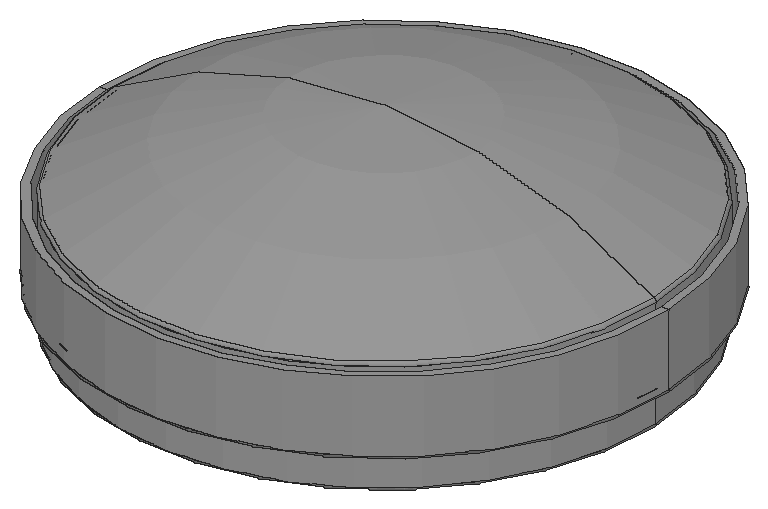
Revit family "3034762 Sylvania Lighting Fixture GIOTTO305 LED G2 4000K RECESSED", category Lighting Fixtures, host Face, Revit 2016
Family settings
  Host = Face
  Part Type = Normal
  Round Connector Dimension = Use Diameter
  OmniClass Number = 23.80.70.00
  OmniClass Title = Lighting
  Cut with Voids When Loaded = No
  Light Source = Yes
  Shared = No
  Room Calculation Point = No
Parameters (values of type "3034762 GIOTTO305 LED G2 4000K RECESSED")
  Weight = "1.11 kg"
  Wattage Comments = ""
  Wattage = 19 W
  WarrantyStartDate [instance] = "n/a"
  WarrantyGuarantorParts = "n/a"
  WarrantyDurationUnit = "n/a"
  WarrantyDurationParts = "n/a"
  WarrantyDescription = "n/a"
  built-in parameter 1150110 = 1 (stored number, unit not read)
  Voltage = 0 V
  URL = "http://www.sylvania-lighting.com"
  TypeName = "GIOTTO305 LED G2 4000K RECESSED"
  Type Image = <None>
  Type Comments = "n/a"
  built-in parameter 1114217 = 1 (stored number, unit not read)
  Tilt Angle = -90.00°
  built-in parameter 1150109 = 1 (stored number, unit not read)
  built-in parameter 1150134 = 12
  built-in parameter 1150113 = 1 (stored number, unit not read)
  SerialNumber [instance] = "n/a"
  Photometric Web File = "3034762.ies"
  Material_3_SYL = LED-Sylvania
  PowerFactor = 0
  PowerConsumption = "19 W"
  NominalLength = 305 mm
  NominalHeight = 104 mm
  NominalDepth = 305 mm
  Name = "GIOTTO305 LED G2 4000K RECESSED"
  ModelReference = Name  # "GIOTTO305 LED G2 4000K RECESSED"
  ModelNumber = "3034762"
  Model = Name  # "GIOTTO305 LED G2 4000K RECESSED"
  Material = "polycarbonate housing, polycarbonate diffuser"
  ManufacturerName = "Feilo Sylvania"
  Manufacturer = "Feilo Sylvania"
  LuminousEfficacy = "89 lm/W"
  built-in parameter 1150105 = 134.57 (stored number, unit not read)
  Lumens = 1691 lm
  LuminaireType = ""
  built-in parameter 1150115 = 1 (stored number, unit not read)
  LightOutputRatio = "n/a"
  built-in parameter 1150137 = (empty or 0)
  built-in parameter 1150139 = (empty or 0)
  LampsType = Lamp  # "LED"
  LampNominalLuminous = "1690 lm"
  LampMacAdamStep = "n/a"
  LampColourTemperature = "4000 K"
  LampColourRenderingIndex = "80"
  built-in parameter 1150112 = 1 (stored number, unit not read)
  built-in parameter 1150114 = 1 (stored number, unit not read)
  Lamp = "LED"
  Keynote = "16500"
  InstallationDate [instance] = "n/a"
  InputVoltage = "n/a"
  InputNominalFrequency = "n/a"
  built-in parameter 1150132 = (empty or 0)
  built-in parameter 1150102 = (empty or 0)
  built-in parameter 1150107 = 4000 (stored number, unit not read)
  built-in parameter 1150138 = (empty or 0)
  IngressProtection = "IP44"
  ImpactProtectionIndex = "IK10"
  built-in parameter 1150106 = 1.3457 (stored number, unit not read)
  IfcExportType = "IfcLightFixtureType"
  IfcExportAs = "IfcLightFixtureType"
  Height_SYL = 104 mm
  ExpectedLife = 50000
  Emit from Circle Diameter = 317 mm
  Emit Shape Visible in Rendering = no
  ElectricShockClassification = "Class I"
  built-in parameter 1150104 = 8.2684 (stored number, unit not read)
  DurationUnit = "hours"
  DocumentationLiterature = "http://www.sylvania-lighting.com/product/en-int/products/3034762"
  DimmingControlOptions = "n/a"
  Material_2_SYL = Polycarbonate_Sylvania_Giotto_Opal
  Dimming Lamp Color Temperature Shift = <None>
  DiffuserRadius_SYL = 282.611 mm
  Diameter_SYL = 305 mm
  Description = "Ambient and decorative round, recessed mounted LED bulkhead luminaire. White robust polycarbonate body with opal diffuser, 1690 lm, 19W, 89lm/W, 4000K, CRI 80, non-dimmable, 50,000 hours lumen maintenance. Drive current: 700mA, IP44, IK10, Class I, 220-240V, Energy class: A++, A+, A."
  Default Elevation = 1219.2 mm
  CreatedOn = "11/7/2018"
  CreatedBy = "@sylvania-lighting.com"
  Cost = 0
  Color Filter = 16777215
  built-in parameter 1114216 [instance] = (empty or 0)
  ClassificationValue = "EF_70_80"
  ClassificationName = "Uniclass2015"
  Material_1_SYL = Polycarbonate_Sylvania_Giotto_White
  BarCode [instance] = "n/a"
  built-in parameter 1114218 = 1 (stored number, unit not read)
  built-in parameter 1150133 = 10 (stored number, unit not read)
  AssetType = "Fixed"
  AssetIdentifier [instance] = "n/a"
  Assembly Code = "D5020200"
  Apparent Load = 19 VA
  Material_4_SYL = none
Reference planes
  plane 1 "Center (Front/Back)": y = 0
  plane 2: z = 0
  plane 3 "Center (Left/Right)": x = 0
  plane 4: x = 152.5
  plane 5: x = -152.5
  plane 6: x = -145.5
  plane 7: x = -148.5
  plane 8: z = 104
  plane 9: z = 59
  plane 10: z = 19
  plane 11: z = 24
  plane 12: x = -150.9
  plane 13: z = 20.6
  plane 14: z = 1.6
  plane 15: x = -143.9
  plane 16: z = 18
  plane 17: x = -146.5
  plane 18: z = 25
  plane 19: z = 61
Forms (mm)
  Revolve 1, solid, material "Polycarbonate_Sylvania_Giotto_White" <- "Material_1_SYL"
    sketch origin (0, 0, 0) x (1, 0, 0) y (0, 0, 1)
      loop
        line (0, 0) -> (0, 25) -> (-143.9, 25) -> (-143.9, 24) -> (-148.5, 24) -> (-148.5, 59) -> (-152.5, 59) -> (-152.5, 20.6)
        arc (-152.5, 20.6) -> (-152.031, 19.469) -> (-150.9, 19) r 1.6
        line (-150.9, 19) -> (-146.5, 19)
        arc (-146.5, 19) -> (-145.793, 18.707) -> (-145.5, 18) r 1
        line (-145.5, 18) -> (-145.5, 1.6)
        arc (-145.5, 1.6) -> (-145.031, 0.469) -> (-143.9, 0) r 1.6
        line (-143.9, 0) -> (0, 0)
      axis (0, 59) -> (0, 0)
    angle from 360 to 0
  Revolve 2, solid, material "Polycarbonate_Sylvania_Giotto_Opal" <- "Material_2_SYL"
    sketch origin (0, 0, 0) x (1, 0, 0) y (0, 0, 1)
      loop
        line (-145.5, 24) -> (-143.9, 24) -> (-143.9, 59.636)
        arc (-143.9, 59.636) -> (-143.79, 60.068) -> (-143.485, 60.394) r 0.9
        arc (-143.485, 60.394) -> (-74.754, 91.683) -> (0, 102.4) r 266.066
        line (0, 102.4) -> (0, 104)
        arc (0, 104) -> (-75.203, 93.218) -> (-144.348, 61.742) r 267.666
        arc (-144.348, 61.742) -> (-145.193, 60.836) -> (-145.5, 59.636) r 2.5
        line (-145.5, 59.636) -> (-145.5, 24)
      axis (0, 104) -> (0, 24)
    angle from 360 to 0
Dimensions and locks
  equal spacing: plane 4, plane 3 "Center (Left/Right)", plane 5
  "Diameter_SYL": plane 4 to plane 5
  locked: plane 6 to plane 5 at 7
  locked: plane 7 to plane 5 at 4
  "Height_SYL": plane 8 to plane 2
  locked: plane 8 to plane 9 at 45
  locked: plane 9 to plane 10 at 40
  Revolve 1 sketch curve to Revolve 1 sketch curve = 4.4 mm
  locked: plane 11 to plane 10 at 5
  locked: plane 12 to plane 5 at 1.6
  locked: plane 13 to plane 10 at 1.6
  locked: plane 14 to plane 2 at 1.6
  locked: plane 15 to plane 6 at 1.6
  locked: plane 6 to plane 17 at 1
  locked: plane 10 to plane 16 at 1
  locked: plane 18 to plane 11 at 1
  locked: plane 19 to plane 9 at 2
  aligned and locked: plane 2 to host face
  aligned and locked: level to host face
  aligned and locked: Revolve 1 sketch curve to plane 3 "Center (Left/Right)"
  aligned and locked: level to Revolve 1 sketch curve
  aligned and locked: Revolve 1 sketch curve to plane 10
  aligned and locked: plane 9 to Revolve 1 sketch curve
  aligned and locked: Revolve 1 sketch curve to plane 7
  aligned and locked: plane 12 to Revolve 1 sketch curve  (x2)
  aligned and locked: plane 13 to Revolve 1 sketch curve  (x2)
  aligned and locked: plane 15 to Revolve 1 sketch curve  (x3)
  aligned and locked: plane 14 to Revolve 1 sketch curve  (x2)
  aligned and locked: plane 3 "Center (Left/Right)" to imposter light
  aligned and locked: imposter light to plane 1 "Center (Front/Back)"
  aligned and locked: plane 18 to Revolve 1 sketch curve
  aligned and locked: plane 11 to Revolve 1 sketch curve
  aligned and locked: imposter light to plane 8
  aligned and locked: plane 6 to Revolve 1 sketch curve
  aligned and locked: plane 17 to Revolve 1 sketch curve
  aligned and locked: plane 16 to Revolve 1 sketch curve
  aligned and locked: Revolve 2 sketch curve to plane 3 "Center (Left/Right)"
  aligned and locked: plane 6 to Revolve 2 sketch curve
  aligned and locked: plane 3 "Center (Left/Right)" to Revolve 2 sketch curve
  aligned and locked: plane 11 to Revolve 2 sketch curve
  aligned and locked: Revolve 2 sketch curve to imposter light
Automatic sketch dimensions
  host sketch curve to host sketch curve = 2438.4 mm  (x2)
  Revolve 1 sketch curve to plane 3 "Center (Left/Right)" = 0 mm
  Revolve 1 sketch curve to level = 609.6 mm
  Revolve 1 sketch curve to plane 8 = 2499.058 mm
  Revolve 2 sketch curve to Revolve 2 sketch curve = 0 mm  (x4)
  Revolve 2 sketch curve to plane 15 = 0 mm
  Revolve 2 sketch curve to plane 8 = 0 mm
  plane 15 to Revolve 2 sketch curve = 0.9 mm
  Revolve 2 sketch curve to level = 163.666 mm
  Revolve 2 sketch curve to plane 9 = 0.636 mm
  Revolve 2 sketch curve to Revolve 2 sketch curve = 445.934 mm
  Revolve 2 sketch curve to plane 8 = 2505.058 mm
Connectors
  electrical at (0, 0, 0), driven by "Apparent Load", driven by "PowerFactor", driven by "Voltage"
    settings: index 1, voltage 0 V, apparent load 19 VA, apparent load phase1 0 VA, apparent load phase2 0 VA, apparent load phase3 0 VA, power factor 0, load classification "Lighting", number of poles 1, system type 30, power factor state 1, is connector primary yes, connector utility no, sub classification motor no, connector description ""
